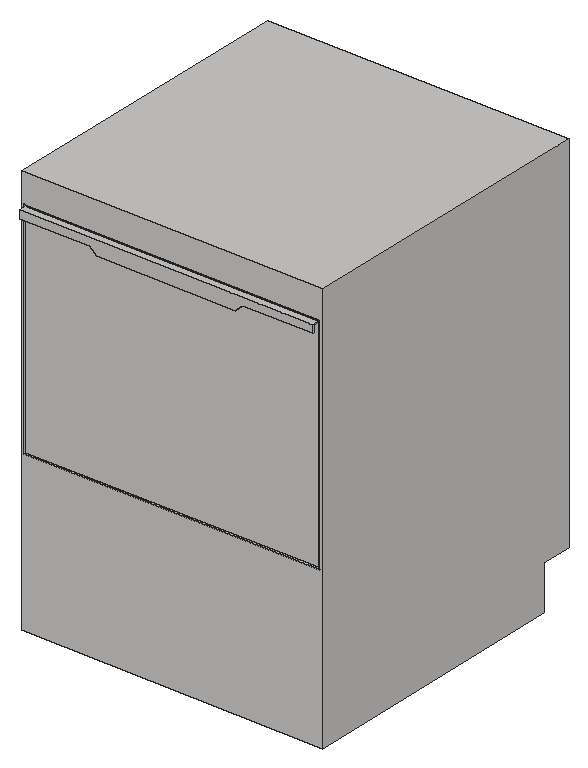
Revit family "QF_ELECTROLUXPROFESSIONAL_400201_EL1", category Specialty Equipment, Revit 2018
Family settings
  Round Connector Dimension = Use Diameter
  Part Type = Normal
  Work Plane-Based = No
  Always vertical = Yes
  Cut with Voids When Loaded = No
  Shared = No
  Room Calculation Point = No
Parameters (values of type "Standard")
  Weight = 47.00 kg
  Watts = 0 W
  Volts = 230 V
  URL Manufacturer = "http://professional.electrolux.com"
  URL = "http://professional.electrolux.com"
  Steam Supply Size = 0 mm
  Steam Supply Minimum Pressure = 0.0 Pa
  Steam Supply Maximum Pressure = 0.0 Pa
  Steam Pounds per Hour = 0
  Show Logo [instance] = yes
  Show Clearance [instance] = yes
  Refrigeration Suction Line Size = 0 mm
  Refrigeration Liquid Line Size = 0 mm
  Refrigerant Compressor Remote = yes
  Manufacturer = "Electrolux Professional"
  Phase = 1
  Model = "EL1"
  Length Actual = 600 mm  # constant formula
  Item Number = "400201"
  Hot Water Size = 19.05 mm
  Height Actual = 820 mm  # constant formula
  HP = "4.9 HP"
  Gas Size = 0 mm
  Gas KW = 0
  Gas Input Pressure = 0 W
  Direct Waste Size = 40 mm
  Description = "UNDERCOUNTER(L), 1PH, 540D/H"
  Depth Actual = 648 mm  # constant formula
  Cycle = 50 Hz
  Condensate Return Size = 0 mm
  Compressed Air Volume = 0.0 L/s
  Compressed Air Size = 0 mm
  Compressed Air Pressure = 0.0 Pa
  Cold Water Size = 0 mm
  Accessory = yes
Types (2, lengths in mm): name | URL | Manufacturer | Phase | Model | Hot Water Size | Description
  (no name) | "http://professional.electrolux.com/" | 0 | 0 | 0 | 0 | 0
  Standard | "http://professional.electrolux.com" | "Electrolux Professional" | 1 | "EL1" | 19.05 | "UNDERCOUNTER(L), 1PH, 540D/H"
Values of the unnamed type that differ from the named types
  Volts = 0 V
  URL Manufacturer = ""
  Item Number = ""
  Cycle = 0 Hz
Reference planes
  plane 1 "Center (Front/Back)": y = 0
  plane 2: z = 0
  plane 3 "Center (Left/Right)": x = 0
  plane 4 "LEFT": x = -300
  plane 5 "RIGHT": x = 300
  plane 6 "FRONT": y = -306
  plane 7 "BACK": y = 306
  plane 8: x = -202.5
  plane 9: x = 202.5
  plane 10: z = 830
  plane 11: z = 10
Forms (mm)
  Extrusion 1, solid, material "QF_Finishes_Stainless Steel"
    sketch origin (0, 0, 0) x (1, 0, 0) y (0, 1, 0)
      loop
        line (-300, -306) -> (300, -306) -> (300, 245) -> (-300, 245) -> (-300, -306)
    from 10 to 830
  Extrusion 2, solid, material "QF_Finishes_Stainless Steel"
    sketch origin (0, 0, 0) x (1, 0, 0) y (0, 1, 0)
      loop
        line (-300, 245) -> (300, 245) -> (300, 306) -> (-300, 306) -> (-300, 245)
    from 100 to 830
  Extrusion 3, solid, material "QF_Finishes_Stainless Steel"
    sketch origin (0, 17.5, 0) x (1, 0, 0) y (0, 1, 0)
      loop
        circle (-254, 167.5) r 12.5
      loop
        circle (254, 167.5) r 12.5
      loop
        circle (-254, -263.5) r 12.5
      loop
        circle (254, -263.5) r 12.5
    from 0 to 10
  Extrusion 4, void
    sketch origin (-300, -306, 0) x (-1, 0, 0) y (0, 0, 1)
      loop
        line (-5, 773.217) -> (-595, 773.217) -> (-595, 327.335) -> (-5, 327.335) -> (-5, 773.217)
    from 0 to 30
  Extrusion 5, solid, material "QF_Finishes_Stainless Steel"
    sketch origin (-259, -389, 768) x (0, 0, -1) y (1, 0, 0)
      loop
        circle (693, 143) r 10
    from -634 to -695
  Extrusion 6, solid, material "QF_Door-Drawer Clearances", visible <- "Show Clearance", detail levels coarse
    sketch origin (-230, -282.5, 0) x (0, 1, 0) y (0, 0, -1)
      loop
        line (-23.5, -330.419) -> (-391.5, -330.419)
        arc (-391.5, -330.419) -> (-290.693, -619.855) -> (-23.5, -770) r 432.894
        line (-23.5, -770) -> (-23.5, -330.419)
    from 61.197 to -521.306
  Extrusion 7, solid, material "QF_Finishes_Stainless Steel"
    sketch origin (-315.481, -389, 738) x (0, 0, -1) y (1, 0, 0)
      loop
        circle (663, 252.481) r 8
    from -634 to -695
  Extrusion 8, solid, material "QF_Finishes_Stainless Steel"
    sketch origin (-230, -282.5, 0) x (0, 1, 0) y (0, 0, -1)
      loop
        line (-23.5, -330.419) -> (-23.5, -770) -> (1.5, -770) -> (1.5, -330.419) -> (-23.5, -330.419)
    from 61.197 to -521.306
  Extrusion 9, solid, material "QF_Finishes_Stainless Steel"
    sketch origin (-230, -297.5, 0) x (0, 1, 0) y (0, 0, -1)
      loop
        line (-8.5, -770) -> (-8.5, -767.514) -> (-21, -767.514) -> (-21, -741.25) -> (-23.5, -741.25) -> (-23.5, -770) -> (-8.5, -770)
    from 61.197 to -521.306
  Extrusion 10, void
    sketch origin (-230, -321, 770) x (0, 0, 1) y (1, 0, 0)
      loop
        line (-15.552, -61.197) -> (-15.552, 77.909) -> (-28.75, 91.107) -> (-28.75, -61.197) -> (-15.552, -61.197)
      loop
        line (-15.552, 521.197) -> (-28.75, 521.197) -> (-28.75, 368.893) -> (-15.552, 382.091) -> (-15.552, 521.197)
    from 0 to 2.5
  Extrusion 11, solid, material "QF_Finishes_Stainless Steel"
    sketch origin (-295.988, 885.897, 763.79) x (0, -1, 0) y (1, 0, 0)
      loop
        circle (611.5, 158) r 8
    from -663.79 to -673.79
Cuts and joins
  Extrusion 4 cuts Extrusion 1
  joined: Extrusion 1, Extrusion 2
  Extrusion 10 cuts Extrusion 8
  Extrusion 10 cuts Extrusion 9
Lines and regions (mm)
  Split face 1
    outline origin (-300, -306, 830) x (0, 0, -1) y (1, 0, 0)
      loop
        line (21.579, 283.75) -> (39.683, 283.75) -> (39.683, 316.25) -> (21.579, 316.25) -> (21.579, 283.75)
  Split face 2
    outline origin (-300, -306, 830) x (0, 0, -1) y (1, 0, 0)
      loop
        line (56.783, 595) -> (56.783, 600)
      loop
        arc (56.783, 412.5) -> (28.391, 440.891) -> (0, 412.5) r 28.391
  symbolic lines
    curve 1: line (-300, 306, 0) -> (300, 306, 0)
    curve 2: line (-300, -306, 0) -> (-300, 306, 0)
    curve 3: line (300, -306, 0) -> (-300, -306, 0)
    curve 4: line (300, 306, 0) -> (300, -306, 0)
    curve 9: line (-291.197, -306, 0) -> (-291.197, -321, 0)
    curve 10: line (291.306, -321, 0) -> (291.306, -306, 0)
    curve 11: line (-291.197, -321, 0) -> (291.306, -321, 0)
  symbolic lines, style "QF_Door-Drawer Clearances"
    curve 5: line (-291.197, -674, 0) -> (291.306, -674, 0)
    curve 6: line (291.306, -674, 0) -> (291.306, -306, 0)
    curve 7: line (-291.197, -674, 0) -> (-291.197, -306, 0)
  symbolic lines, style "SpecialityEquipmentHiddenLines"
    curve 8: line (-300, 245, 0) -> (300, 245, 0)
Dimensions and locks
  equal spacing: plane 4 "LEFT", plane 3 "Center (Left/Right)", plane 5 "RIGHT"
  equal spacing: plane 7 "BACK", plane 1 "Center (Front/Back)", plane 6 "FRONT"
  plane 7 "BACK" to plane 6 "FRONT" = 612 mm
  plane 4 "LEFT" to plane 5 "RIGHT" = 600 mm
  plane 4 "LEFT" to plane 8 = 97.5 mm
  plane 9 to plane 5 "RIGHT" = 97.5 mm
  plane 11 to level = 10 mm
  plane 4 "LEFT" to plane 3 "Center (Left/Right)" = 300 mm
  plane 10 to level = 830 mm  (x2)
  plane 8 to plane 9 = 405 mm
  Extrusion 11 sketch curve to plane 4 "LEFT" = 162.012 mm
  level to Extrusion 5 sketch curve = 75 mm
  Extrusion 5 sketch curve to plane 4 "LEFT" = 184 mm
  Extrusion 7 sketch curve to plane 4 "LEFT" = 237 mm
  level to Extrusion 7 sketch curve = 75 mm
  Extrusion 3 to cut or joined group of Extrusion 1, Extrusion 2, Extrusion 4 = 121 mm
  Extrusion 3 to Extrusion 3 = 431 mm
  plane 6 "FRONT" to Extrusion 3 = 60 mm
  plane 9 to plane 8 = 405 mm
  plane 7 "BACK" to curve 5 = 980 mm
  cut or joined group of Extrusion 1, Extrusion 2, Extrusion 4 to level = 327.335 mm
  aligned and locked: level to plane 2
  aligned and locked: Extrusion 1 sketch curve to plane 6 "FRONT"
  aligned and locked: Extrusion 1 sketch curve to plane 4 "LEFT"
  aligned and locked: plane 5 "RIGHT" to Extrusion 1 sketch curve
  aligned and locked: Extrusion 1 to plane 11
  aligned and locked: Extrusion 2 sketch curve to Extrusion 1
  aligned and locked: plane 5 "RIGHT" to Extrusion 2 sketch curve
  aligned and locked: plane 11 to Extrusion 3
  aligned and locked: cut or joined group of Extrusion 9, Extrusion 10 to Extrusion 10
Automatic sketch dimensions
  Extrusion 1 sketch curve to plane 7 "BACK" = 61 mm
  Extrusion 3 sketch curve to plane 8 = 51.5 mm  (x2)
  plane 9 to Extrusion 3 sketch curve = 51.5 mm  (x2)
  plane 6 "FRONT" to Extrusion 3 sketch curve = 60 mm  (x2)
  Extrusion 3 sketch curve to plane 7 "BACK" = 121 mm  (x2)
  Extrusion 4 sketch curve to Extrusion 1 = 5 mm  (x2)
  Extrusion 4 sketch curve to Extrusion 1 = 317.335 mm
  Extrusion 4 sketch curve to Extrusion 1 = 56.783 mm
  plane 6 "FRONT" to Extrusion 8 sketch curve = 0 mm
  Extrusion 8 sketch curve to Extrusion 8 sketch curve = 25 mm
  Extrusion 9 sketch curve to plane 6 "FRONT" = 15 mm
  Extrusion 9 sketch curve to Extrusion 9 sketch curve = 2.5 mm
  Extrusion 9 sketch curve to Extrusion 9 sketch curve = 12.5 mm
  Extrusion 9 sketch curve to plane 10 = 60 mm
  Extrusion 9 sketch curve to Extrusion 9 sketch curve = 2.486 mm
  Extrusion 9 sketch curve to Extrusion 9 sketch curve = 26.264 mm
  Extrusion 2 sketch curve to Extrusion 2 sketch curve = 61 mm
  Split face 1 sketch curve to cut or joined group of Extrusion 1, Extrusion 2, Extrusion 4 = 21.579 mm
  Split face 1 sketch curve to Split face 1 sketch curve = 18.104 mm
  Split face 1 sketch curve to cut or joined group of Extrusion 1, Extrusion 2, Extrusion 4 = 278.75 mm
  Split face 1 sketch curve to Split face 1 sketch curve = 32.5 mm
  plane 11 to Extrusion 8 sketch curve = 320.419 mm
  Extrusion 8 sketch curve to plane 10 = 60 mm
  Extrusion 10 sketch curve to Extrusion 9 = 0 mm  (x2)
  Extrusion 9 to Extrusion 10 sketch curve = 0 mm
  Extrusion 10 sketch curve to Extrusion 9 = 13.198 mm  (x2)
  Extrusion 10 sketch curve to Extrusion 9 = 139.107 mm
  Extrusion 10 sketch curve to Extrusion 10 sketch curve = 13.198 mm  (x2)
  Extrusion 10 sketch curve to Extrusion 9 = 152.413 mm
  Extrusion 10 sketch curve to Extrusion 9 = 0.109 mm
  curve 3 to plane 4 "LEFT" = 0 mm
  curve 7 to plane 6 "FRONT" = 0 mm
  curve 4 to plane 5 "RIGHT" = 0 mm
  curve 2 to plane 7 "BACK" = 0 mm
  plane 4 "LEFT" to curve 5 = 8.803 mm
  curve 5 to plane 5 "RIGHT" = 8.694 mm
  plane 4 "LEFT" to curve 11 = 8.803 mm
  curve 10 to plane 5 "RIGHT" = 8.694 mm
  curve 11 to plane 6 "FRONT" = 15 mm
  curve 8 to plane 7 "BACK" = 61 mm
  Extrusion 2 sketch curve to plane 7 "BACK" = 0 mm
  Split face 2 sketch curve to cut or joined group of Extrusion 1, Extrusion 2, Extrusion 4 = 0 mm  (x5)
  Split face 2 sketch curve to cut or joined group of Extrusion 1, Extrusion 2, Extrusion 4 = 182.5 mm
  Extrusion 11 sketch curve to plane 7 "BACK" = 31.603 mm
  Extrusion 6 sketch curve to plane 6 "FRONT" = 0 mm
  plane 6 "FRONT" to Extrusion 6 sketch curve = 64.74 mm
  plane 11 to Extrusion 6 sketch curve = 331.974 mm
  Extrusion 6 sketch curve to Extrusion 6 sketch curve = 11.555 mm
  Extrusion 6 sketch curve to plane 6 "FRONT" = 368 mm
  radius of Extrusion 5 sketch curve = 10 mm
  radius of Extrusion 7 sketch curve = 8 mm
  radius of Extrusion 3 sketch curve = 12.5 mm  (x4)
  radius of Extrusion 11 sketch curve = 8 mm
Connectors
  piping at (-116, 306, 75), diameter 20
    settings: on Extrusion 5, index 1, connector inside diameter 609.6 mm, connector length 0 mm, flow factor 0, pipe flow 0.0 L/s, pressure drop 0.0 Pa, fitting loss kfactor 0, connector angle 0.00°, fixture units 0, engagement length 0 mm, angle of deflection 0.00°, flow configuration 1, flow direction 1, fitting loss method 0, system type 16, joint type 0, gender type 0, connector reference index -1, connector utility 0, adjustable connector no, is connector primary yes, connector description "Drain"
  piping at (-63, 306, 75), diameter 16
    settings: on Extrusion 7, index 3, connector inside diameter 609.6 mm, connector length 0 mm, flow factor 0, pipe flow 0.0 L/s, pressure drop 0.0 Pa, fitting loss kfactor 0, connector angle 0.00°, fixture units 0, engagement length 0 mm, angle of deflection 0.00°, flow configuration 1, flow direction 1, fitting loss method 0, system type 20, joint type 0, gender type 0, connector reference index -1, connector utility 0, adjustable connector no, is connector primary no, connector description "Cold Water Inlet"
  electrical at (-137.988, 274.397, 90), driven by "Volts"
    settings: on Extrusion 11, index 4, voltage 230 V, apparent load 0 VA, apparent load phase1 0 VA, apparent load phase2 0 VA, apparent load phase3 0 VA, power factor 1, load classification "Altro", number of poles 1, system type 31, power factor state 1, is connector primary yes, connector utility no, sub classification motor no, connector description "Electrical Connection"
